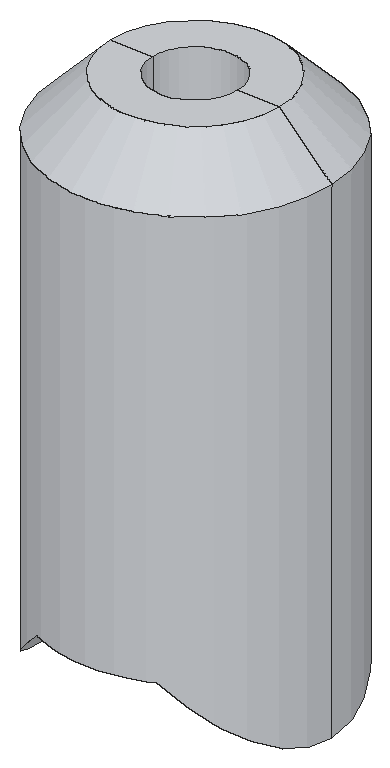
Revit family "RRHDWSTSNDOFF", category Generic Models, Revit 2018
Family settings
  Can host rebar = No
  Round Connector Dimension = Use Diameter
  Part Type = Normal
  Work Plane-Based = No
  Always vertical = Yes
  Cut with Voids When Loaded = No
  Shared = Yes
  Room Calculation Point = No
Parameters
  Top Inner Radius = Top Inner Diameter / 2  # 0.1565"
  Top Inner Diameter = 0.313"
  Spacer Material = none
  Ship Complete Level [instance] = ""
  Required Date [instance] = ""
  Patent Information = "10495237, 10,697,562, 10,844,978, 11,262,000"
  Length = 2.000"
  Job [instance] = ""
  Group/Run [instance] = ""
  Description = "Standoff Variable Mount 304 3/8-16 Threaded for Sanitary Clamps"
  Custom [instance] = ""
  Catalog Number = "RRHDWSTSNDOFF"
  Bottom Inner Radius = Bottom Inner Diameter / 2  # 0.203"
  Bottom Inner Diameter = 0.406"
  Assembly Name [instance] = ""
  Assembly ID [instance] = ""
Reference planes (in)
  plane 1 "Center (Front/Back)": y = 0
  plane 2: z = 0
  plane 3 "Center (Left/Right)": x = 0
  plane 4 "top": z = 2
  plane 5: z = 0.91
Forms (in)
  Revolve 1, solid, material <- "Spacer Material"
    sketch origin (0, 0, 0) x (1, 0, 0) y (0, 0, 1)
      loop
        line (0, 0) -> (0, 2) -> (-0.31, 2) -> (-0.5, 1.81) -> (-0.5, 0) -> (0, 0)
      axis (0, 2) -> (0, 0)
    angle from 0 to 360
  Extrusion 2, void
    sketch origin (0, 0, 0) x (1, 0, 0) y (0, 1, 0)
      loop
        circle (0, 0) r 0.203
    from 0 to 0.91
  Extrusion 3, void
    sketch origin (0, 0, 0) x (1, 0, 0) y (0, 0, 1)
      loop
        line (-0.22, 0.28) -> (-0.5, 0) -> (0.5, 0) -> (0.22, 0.28) -> (-0.22, 0.28)
    from -0.6 to 0.6
  Extrusion 4, void
    sketch origin (1, 0, 0) x (1, 0, 0) y (0, 1, 0)
      loop
        circle (-1, 0) r 0.1565
    from 0.91 to 2
Cuts and joins
  Extrusion 2, Extrusion 3, Extrusion 4 cuts Revolve 1
Dimensions and locks (in)
  "Length": plane 4 "top" to level
  "Bottom Inner Radius": radius of Extrusion 2 sketch curve
  "Top Inner Radius": radius of Extrusion 4 sketch curve
  aligned and locked: plane 2 to level
  aligned and locked: cut or joined group of Revolve 1, Extrusion 2, Extrusion 3, Extrusion 4 to plane 4 "top"
Automatic sketch dimensions
  Revolve 1 sketch curve to level = 0.000"
  Revolve 1 sketch curve to plane 4 "top" = 0.000"
  Revolve 1 sketch curve to plane 3 "Center (Left/Right)" = 0.000"  (x2)
  Revolve 1 sketch curve to Revolve 1 sketch curve = 0.310"
  Revolve 1 sketch curve to Revolve 1 sketch curve = 0.190"
  plane 4 "top" to Revolve 1 sketch curve = 0.190"
  Revolve 1 sketch curve to Revolve 1 sketch curve = 1.13126"
  Revolve 1 sketch curve to Revolve 1 sketch curve = 4.61874"
  Extrusion 3 sketch curve to level = 0.000"
  Extrusion 3 sketch curve to plane 3 "Center (Left/Right)" = 0.500"
  Extrusion 3 sketch curve to plane 3 "Center (Left/Right)" = 0.220"
  plane 3 "Center (Left/Right)" to Extrusion 3 sketch curve = 0.220"
  Extrusion 3 sketch curve to Extrusion 3 sketch curve = 0.280"
  level to Extrusion 3 sketch curve = 0.280"
  plane 1 "Center (Front/Back)" to Extrusion 2 sketch curve = 0.000"
  Extrusion 2 sketch curve to plane 3 "Center (Left/Right)" = 0.000"
  plane 1 "Center (Front/Back)" to Extrusion 4 sketch curve = 0.000"
  Extrusion 4 sketch curve to plane 3 "Center (Left/Right)" = 0.000"
